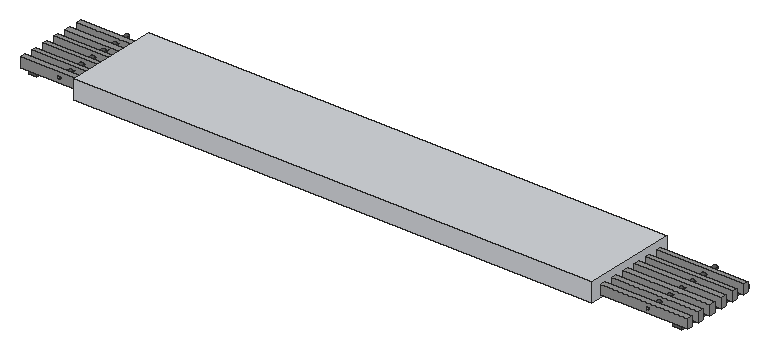
Revit family "1212-6, Solid", category Generic Models, host Face, Revit 2020
Family settings
  Host = Face
  Can host rebar = No
  Round Connector Dimension = Use Diameter
  Part Type = Normal
  Cut with Voids When Loaded = No
  Shared = No
  Room Calculation Point = No
Parameters
  min_value [instance] = 1' - 11 1/4"  # constant formula
  max_value [instance] = 11' - 11 1/4"  # constant formula
  actual_value [instance] = if(NET LENGTH < min_value, min_value, if(NET LENGTH > max_value, max_value, NET LENGTH))  # 7' - 11 1/4"
  NET LENGTH [instance] = 7' - 11 1/4"
  IMPORTANT NOTE!!!                                                                             *Backer & dowel layout is for visualization purposes only, final layout to be determined by 9Wood. [instance] = ""
  Default Elevation = 4' - 0"
  DOWEL RADIUS [instance] = 0' - 0 1/4"  # constant formula
  BACKING M MATERIAL [instance] = BLACK-BACKERS
  .. MEMBER WIDTH [instance] = 0' - 0 3/4"  # constant formula
  .. MEMBER MATERIAL [instance] = Solid Western Hemlock
  .. MEMBER DEPTH [instance] = 0' - 1 3/8"  # constant formula
  .. MEMBER COUNT [instance] = 6  # constant formula
Reference planes (in)
  plane 1 "Center (Front/Back)": y = 0
  plane 2: z = 2.726
  plane 3 "Center (Left/Right)": x = 0
Forms (in)
  Extrusion 1, solid
    sketch origin (15, -0.86619, -0.99308) x (0, 1, 0) y (-1, 0, 0)
      loop
        line (3.42869, -23.66817) -> (3.42869, 50.25) -> (-10, 50.25) -> (-10, -23.66817) -> (3.42869, -23.66817)
    from 3.71908 to 1.00111
Dimensions and locks (in)
  aligned and locked: plane 2 to Extrusion 1
Nested families (in)
  nested 1: "1200 Series" at (-44, -2, 1.87867), NET LENGTH <- "actual_value", DOWEL RADII <- "DOWEL RADIUS", .. MEMBER WIDTH <- ".. MEMBER WIDTH", .. MEMBER DEPTH <- ".. MEMBER DEPTH", .. MEMBER MATERIAL <- ".. MEMBER MATERIAL", BACKING M MATERIAL <- "BACKING M MATERIAL", .. MEMBER COUNT <- ".. MEMBER COUNT", type "1200 Series"
    with X 7' - 4", WIDTH 1' - 0 1/16", Space 0' - 0 11/16", START 0' - 0 3/8", SCRIM MATERIAL SCRIM, SCRIM 3 8' - 1", SCRIM 2 0' - 0 7/8", SCRIM 1 0' - 0 3/32", SCRIM yes, NET LENGTH 7' - 11 1/4", N 8, INSET 3 0' - 0 3/16", INSET 0' - 1", INDEX 0' - 5 5/8", END BACKER yes, DOWEL RADII 0' - 0 1/4", DOWEL COUNT 8, BACKING M WIDTH 0' - 1 1/4", BACKING M MATERIAL BLACK-BACKERS, BACKING M LENGTH 0' - 11 7/8", BACKING M DEPTH 0' - 0 1/2", .. MEMBER WIDTH 0' - 0 3/4", .. MEMBER OC TYP 0' - 2", .. MEMBER MATERIAL Solid Western Hemlock, .. MEMBER DEPTH 0' - 1 3/8", .. MEMBER COUNT 6
Definition of nested family "1200 Series"
  Parameters (values of type "1200 Series")
    X [instance] = NET LENGTH - (0' 3 5/8" * 2)  # 6' - 2"
    WIDTH [instance] = 1' - 0 1/16"
    Space [instance] = 0' - 0 11/16"  # constant formula
    START [instance] = .. MEMBER WIDTH / 2  # 0' - 0 3/8"
    SCRIM MATERIAL [instance] = none
    SCRIM 3 [instance] = NET LENGTH + (SCRIM 2 * 2)  # 6' - 11"
    SCRIM 2 [instance] = 0' - 0 7/8"
    SCRIM 1 [instance] = 0' - 0 3/32"
    SCRIM [instance] = yes
    NET LENGTH [instance] = 6' - 9 1/4"
    N [instance] = if((X - (rounddown(X / 1' 0") * 1' 0")) > 1' 0", rounddown(X / 1' 0") + 2, rounddown(X / 1' 0") + 1)  # 7
    INSET 3 [instance] = 0' - 0 3/16"
    INSET [instance] = 0' - 1"
    INDEX [instance] = (NET LENGTH - ((N - 1) * 1' 0")) / 2  # 0' - 4 5/8"
    END BACKER [instance] = yes
    Default Elevation = 0' - 0"
    DOWEL RADII [instance] = 0' - 0 1/4"
    DOWEL COUNT [instance] = N  # 7
    BACKING M WIDTH [instance] = 0' - 1 1/4"
    BACKING M MATERIAL [instance] = none
    BACKING M LENGTH [instance] = 0' - 11 7/8"
    BACKING M DEPTH [instance] = 0' - 0 1/2"
    .. MEMBER WIDTH [instance] = 0' - 0 3/4"
    .. MEMBER OC TYP [instance] = 1' 0" / .. MEMBER COUNT  # 0' - 3"
    .. MEMBER MATERIAL [instance] = none
    .. MEMBER DEPTH [instance] = 0' - 1 3/8"
    .. MEMBER COUNT [instance] = 4
  Reference planes (in)
    plane 1 "Center (Front/Back)": y = -7.5
    plane 2: z = 0
    plane 3 "Center (Left/Right)": x = 0
    plane 4: x = 1
    plane 5: x = 4.625
    plane 6: x = 81.25
    plane 7: x = 80.25
    plane 8: x = 16.625
    plane 9: y = -7.3125
    plane 10: y = -4.125
    plane 11: y = -7.125
    plane 12: y = 4.5625
    plane 13: y = -4.5
    plane 14: y = -7.59375
    plane 15: x = 82.125
    plane 16: y = 4.65625
    plane 17: x = -0.875
    plane 18: z = -1.375
    plane 19: z = -0.6875
  Lines and regions (in)
    model lines
      curve 1: line (4.375, -7.5, -0.6875) -> (4.875, -7.5, -0.6875)
    model lines, not visible
      curve 2: line (4.625, -7.5, -0.9375) -> (4.625, -7.5, -0.4375)
      curve 3: line (4.375, -7.5, -0.6875) -> (4.875, -7.5, -0.6875)
      curve 4: line (16.625, -7.5, -0.9375) -> (16.625, -7.5, -0.4375)
      curve 5: line (16.375, -7.5, -0.6875) -> (16.875, -7.5, -0.6875)
      curve 6: line (28.625, -7.5, -0.9375) -> (28.625, -7.5, -0.4375)
      curve 7: line (28.375, -7.5, -0.6875) -> (28.875, -7.5, -0.6875)
      curve 8: line (40.625, -7.5, -0.9375) -> (40.625, -7.5, -0.4375)
      curve 9: line (40.375, -7.5, -0.6875) -> (40.875, -7.5, -0.6875)
      curve 10: line (52.625, -7.5, -0.9375) -> (52.625, -7.5, -0.4375)
      curve 11: line (52.375, -7.5, -0.6875) -> (52.875, -7.5, -0.6875)
      curve 12: line (64.625, -7.5, -0.9375) -> (64.625, -7.5, -0.4375)
      curve 13: line (64.375, -7.5, -0.6875) -> (64.875, -7.5, -0.6875)
      curve 14: line (76.625, -7.5, -0.9375) -> (76.625, -7.5, -0.4375)
      curve 15: line (76.375, -7.5, -0.6875) -> (76.875, -7.5, -0.6875)
  Dimensions and locks (in)
    "NET LENGTH": plane 3 "Center (Left/Right)" to plane 6
    "INSET": plane 7 to plane 6
    "INDEX": plane 3 "Center (Left/Right)" to plane 5
    plane 5 to plane 8 = 1' - 0"
    "INSET 3": plane 1 "Center (Front/Back)" to plane 9
    equal spacing: group 1, group 2, group 3, group 4  (x3)
    "START": plane 11 to plane 1 "Center (Front/Back)"
    ".. MEMBER OC TYP": plane 10 to plane 11
    "WIDTH": plane 12 to plane 1 "Center (Front/Back)"
    "START": plane 10 to plane 13
    "SCRIM 1": plane 14 to plane 1 "Center (Front/Back)"
    "SCRIM 2": plane 6 to plane 15
    "SCRIM 1": plane 12 to plane 16
    "SCRIM 2": plane 17 to plane 3 "Center (Left/Right)"
    "INSET": plane 3 "Center (Left/Right)" to plane 4
    equal spacing: group 5, group 6, group 7, group 8, group 9, group 10, group 11  (x3)
    "Space": plane 19 to plane 18
    aligned and locked: level to plane 2
    aligned and locked: nested 1 to plane 4  (x2)
    aligned and locked: plane 7 to nested 2
    aligned and locked: plane 5 to nested 3
    aligned and locked: nested 1 to plane 9
    aligned and locked: plane 1 "Center (Front/Back)" to nested 4
    aligned and locked: plane 9 to nested 2
    aligned and locked: plane 13 to nested 5
    aligned and locked: nested 3 to plane 9
    aligned and locked: plane 18 to nested 1
    aligned and locked: plane 19 to nested 3
    aligned and locked: curve 1 to plane 19
    aligned and locked: plane 8 to curve 4
    aligned and locked: curve 5 to plane 19
    aligned and locked: nested 4 to plane 18
  Automatic sketch dimensions
    curve 1 to curve 1 = 0' - 0 1/2"
    curve 1 to plane 5 = 0' - 0 1/4"
    plane 5 to curve 1 = 0' - 0 1/4"
    curve 3 to curve 2 = 0' - 0 1/4"  (x2)
    curve 2 to curve 3 = 0' - 0 1/4"  (x2)
    curve 5 to curve 4 = 0' - 0 1/4"  (x2)
    curve 4 to curve 5 = 0' - 0 1/4"  (x2)
    curve 7 to curve 6 = 0' - 0 1/4"  (x2)
    curve 6 to curve 7 = 0' - 0 1/4"  (x2)
    curve 9 to curve 8 = 0' - 0 1/4"  (x2)
    curve 8 to curve 9 = 0' - 0 1/4"  (x2)
    curve 11 to curve 10 = 0' - 0 1/4"  (x2)
    curve 10 to curve 11 = 0' - 0 1/4"  (x2)
    curve 13 to curve 12 = 0' - 0 1/4"  (x2)
    curve 12 to curve 13 = 0' - 0 1/4"  (x2)
    curve 15 to curve 14 = 0' - 0 1/4"  (x2)
    curve 14 to curve 15 = 0' - 0 1/4"  (x2)
  Nested families (in)
    nested 1: "INSTANCE - 2ND -  EXTEND SIDE H CENTER W - Parametric Cube" at (1, -1.375, -1.375) x (0, -1, 0) z (0, 0, 1), Width <- "BACKING M LENGTH", Length <- "BACKING M WIDTH", Material <- "BACKING M MATERIAL", Height <- "BACKING M DEPTH", visible <- "END BACKER", type "INSTANCE - 2ND -  EXTEND SIDE H CENTER W - Parametric Cube"
      with Width 0' - 11 7/8", Material none, Length 0' - 1 1/4", Height 0' - 0 1/2"
    nested 2: "INSTANCE - 2ND -  EXTEND SIDE H CENTER W - Parametric Cube" at (80.25, -1.375, -1.375) x (0, -1, 0) z (0, 0, 1), Width <- "BACKING M LENGTH", Length <- "BACKING M WIDTH", Material <- "BACKING M MATERIAL", Height <- "BACKING M DEPTH", visible <- "END BACKER", type "INSTANCE - 2ND -  EXTEND SIDE H CENTER W - Parametric Cube"
      with Width 0' - 11 7/8", Material none, Length 0' - 1 1/4", Height 0' - 0 1/2"
    nested 3: "Family3" at (-5.375, -7.3125, -0.6875), DOWEL RADII <- "DOWEL RADII", BACKING MEM MATERIAL <- "BACKING M MATERIAL", type "Family3"
      with DOWEL RADII 0' - 0 1/4", DOWEL LENGTH 0' - 11 7/8", BACKING MEM MATERIAL none
    nested 4: "HOLED MEMBER" at (0, -18.75, 6.19404), DOWEL RADII <- "DOWEL RADII", .. MEMBER LENGTH <- "NET LENGTH", DOWEL COUNT <- "DOWEL COUNT", DEPTH <- ".. MEMBER DEPTH", .. MEMBER WIDTH <- ".. MEMBER WIDTH", Material <- ".. MEMBER MATERIAL", DOWEL INDEX <- "INDEX", Space 2 <- "Space", type "HOLED MEMBER"
      with Width 0' - 6", Space 2 0' - 0 11/16", Material none, Length 1' - 0", Height 0' - 10.43096", DOWEL RADII 0' - 0 1/4", DOWEL OC DIST 1' - 0", DOWEL INDEX 0' - 4 5/8", DOWEL COUNT 7, DEPTH 0' - 1 3/8", .. MEMBER WIDTH 0' - 0 3/4", .. MEMBER LENGTH 6' - 9 1/4"
    nested 5: "HOLED MEMBER" at (0, -15.75, 6.19404), DOWEL RADII <- "DOWEL RADII", .. MEMBER LENGTH <- "NET LENGTH", DOWEL COUNT <- "DOWEL COUNT", DEPTH <- ".. MEMBER DEPTH", .. MEMBER WIDTH <- ".. MEMBER WIDTH", Material <- ".. MEMBER MATERIAL", DOWEL INDEX <- "INDEX", Space 2 <- "Space", type "HOLED MEMBER"
      with Width 0' - 6", Space 2 0' - 0 11/16", Material none, Length 1' - 0", Height 0' - 10.43096", DOWEL RADII 0' - 0 1/4", DOWEL OC DIST 1' - 0", DOWEL INDEX 0' - 4 5/8", DOWEL COUNT 7, DEPTH 0' - 1 3/8", .. MEMBER WIDTH 0' - 0 3/4", .. MEMBER LENGTH 6' - 9 1/4"
    nested 6: "HOLED MEMBER" at (0, -12.75, 6.19404), DOWEL RADII <- "DOWEL RADII", .. MEMBER LENGTH <- "NET LENGTH", DOWEL COUNT <- "DOWEL COUNT", DEPTH <- ".. MEMBER DEPTH", .. MEMBER WIDTH <- ".. MEMBER WIDTH", Material <- ".. MEMBER MATERIAL", DOWEL INDEX <- "INDEX", Space 2 <- "Space", type "HOLED MEMBER"
      with Width 0' - 6", Space 2 0' - 0 11/16", Material none, Length 1' - 0", Height 0' - 10.43096", DOWEL RADII 0' - 0 1/4", DOWEL OC DIST 1' - 0", DOWEL INDEX 0' - 4 5/8", DOWEL COUNT 7, DEPTH 0' - 1 3/8", .. MEMBER WIDTH 0' - 0 3/4", .. MEMBER LENGTH 6' - 9 1/4"
    nested 7: "HOLED MEMBER" at (0, -9.75, 6.19404), DOWEL RADII <- "DOWEL RADII", .. MEMBER LENGTH <- "NET LENGTH", DOWEL COUNT <- "DOWEL COUNT", DEPTH <- ".. MEMBER DEPTH", .. MEMBER WIDTH <- ".. MEMBER WIDTH", Material <- ".. MEMBER MATERIAL", DOWEL INDEX <- "INDEX", Space 2 <- "Space", type "HOLED MEMBER"
      with Width 0' - 6", Space 2 0' - 0 11/16", Material none, Length 1' - 0", Height 0' - 10.43096", DOWEL RADII 0' - 0 1/4", DOWEL OC DIST 1' - 0", DOWEL INDEX 0' - 4 5/8", DOWEL COUNT 7, DEPTH 0' - 1 3/8", .. MEMBER WIDTH 0' - 0 3/4", .. MEMBER LENGTH 6' - 9 1/4"
    nested 8: "Family3" at (6.625, -7.3125, -0.6875), DOWEL RADII <- "DOWEL RADII", BACKING MEM MATERIAL <- "BACKING M MATERIAL", type "Family3"
      with DOWEL RADII 0' - 0 1/4", DOWEL LENGTH 0' - 11 7/8", BACKING MEM MATERIAL none
    nested 9: "Family3" at (18.625, -7.3125, -0.6875), DOWEL RADII <- "DOWEL RADII", BACKING MEM MATERIAL <- "BACKING M MATERIAL", type "Family3"
      with DOWEL RADII 0' - 0 1/4", DOWEL LENGTH 0' - 11 7/8", BACKING MEM MATERIAL none
    nested 10: "Family3" at (30.625, -7.3125, -0.6875), DOWEL RADII <- "DOWEL RADII", BACKING MEM MATERIAL <- "BACKING M MATERIAL", type "Family3"
      with DOWEL RADII 0' - 0 1/4", DOWEL LENGTH 0' - 11 7/8", BACKING MEM MATERIAL none
    nested 11: "Family3" at (42.625, -7.3125, -0.6875), DOWEL RADII <- "DOWEL RADII", BACKING MEM MATERIAL <- "BACKING M MATERIAL", type "Family3"
      with DOWEL RADII 0' - 0 1/4", DOWEL LENGTH 0' - 11 7/8", BACKING MEM MATERIAL none
    nested 12: "Family3" at (54.625, -7.3125, -0.6875), DOWEL RADII <- "DOWEL RADII", BACKING MEM MATERIAL <- "BACKING M MATERIAL", type "Family3"
      with DOWEL RADII 0' - 0 1/4", DOWEL LENGTH 0' - 11 7/8", BACKING MEM MATERIAL none
    nested 13: "Family3" at (66.625, -7.3125, -0.6875), DOWEL RADII <- "DOWEL RADII", BACKING MEM MATERIAL <- "BACKING M MATERIAL", type "Family3"
      with DOWEL RADII 0' - 0 1/4", DOWEL LENGTH 0' - 11 7/8", BACKING MEM MATERIAL none
  Definition of nested family "INSTANCE - 2ND -  EXTEND SIDE H CENTER W - Parametric Cube"
    Parameters (values of type "INSTANCE - 2ND -  EXTEND SIDE H CENTER W - Parametric Cube")
      Width [instance] = 0' - 6"
      Material [instance] = none
      Length [instance] = 1' - 0"
      Height [instance] = 1' - 6"
      Default Elevation = 0' - 0"
    Reference planes (in)
      plane 1 "Center (Front/Back)": y = 0
      plane 2: z = 0
      plane 3 "Center (Left/Right)": x = 0
      plane 4: x = -3
      plane 5: x = 3
      plane 6: y = 12
      plane 7: z = -18
    Forms (in)
      Extrusion 1, solid, material <- "Material"
        sketch origin (0, 6, 0) x (1, 0, 0) y (0, 1, 0)
          loop
            line (-3, 6) -> (-3, -6) -> (3, -6) -> (3, 6) -> (-3, 6)
        from -18 to 0
    Dimensions and locks (in)
      equal spacing: plane 4, plane 3 "Center (Left/Right)", plane 5
      "Width": plane 4 to plane 5
      "Height": plane 7 to level
      "Length": plane 1 "Center (Front/Back)" to plane 6
      aligned and locked: plane 2 to level
      aligned and locked: plane 4 to Extrusion 1 sketch curve
      aligned and locked: Extrusion 1 sketch curve to plane 5
      aligned and locked: Extrusion 1 to plane 7
      aligned and locked: plane 6 to Extrusion 1
    Automatic sketch dimensions
      plane 1 "Center (Front/Back)" to Extrusion 1 sketch curve = 0' - 0"
      plane 6 to Extrusion 1 sketch curve = 0' - 0"
  Definition of nested family "Family3"
    Parameters (values of type "Family3")
      Default Elevation = 0' - 0"
      DOWEL RADII [instance] = 0' - 0 5/8"
      DOWEL LENGTH [instance] = 0' - 5"
      BACKING MEM MATERIAL [instance] = none
    Reference planes (in)
      plane 1 "Center (Front/Back)": y = 0
      plane 2: z = 0
      plane 3 "Center (Left/Right)": x = 0
      plane 4: y = 5
    Forms (in)
      Extrusion 1, solid, material <- "BACKING MEM MATERIAL"
        sketch origin (10, 0, 0) x (1, 0, 0) y (0, 0, 1)
          loop
            circle (0, 0) r 0.625
        from 0 to -5
      Extrusion 2, solid, not visible
        sketch origin (0, 0, 0) x (1, 0, 0) y (0, 0, 1)
          loop
            circle (0, 0) r 0.625
        from 0 to 12
      Extrusion 3, solid, not visible
        sketch origin (10, 0, 0) x (1, 0, 0) y (0, 0, 1)
          loop
            circle (0, 0) r 0.625
        from 0 to 2.5
      Extrusion 4, solid, not visible
        sketch origin (10, 0, 0) x (1, 0, 0) y (0, 0, 1)
          loop
            circle (0, 0) r 0.625
        from 0 to -12
    Lines and regions (in)
      model lines, not visible
        curve 1: line (-13, 0, 0) -> (-13, -12, 0)
        curve 2: line (13, 0, 0) -> (13, -12, 0)
        curve 3: line (9.89453, 0, 0) -> (10.08794, 0, 0)
        curve 4: line (9.89453, -2.5, 0) -> (10.08794, -2.5, 0)
        curve 6: line (10, 0, 0) -> (10, 2, 0)
      model lines
        curve 5: line (10, 0, 0) -> (10, 2, 0)
    Dimensions and locks (in)
      "DOWEL LENGTH": plane 1 "Center (Front/Back)" to plane 4
      "DOWEL RADII": radius of Extrusion 1 sketch curve
      "DOWEL RADII": radius of Extrusion 2 sketch curve
      "DOWEL RADII": radius of Extrusion 3 sketch curve
      "DOWEL RADII": radius of Extrusion 4 sketch curve
      "DOWEL RADII": radius of Extrusion 1
      aligned and locked: plane 2 to level
      aligned and locked: Extrusion 1 to plane 1 "Center (Front/Back)"  (x3)
      aligned and locked: plane 1 "Center (Front/Back)" to Extrusion 1
      aligned and locked: plane 4 to Extrusion 1
    Automatic sketch dimensions
      plane 1 "Center (Front/Back)" to curve 5 = 0' - 0"
      curve 5 to plane 1 "Center (Front/Back)" = 0' - 2"
      plane 3 "Center (Left/Right)" to curve 5 = 0' - 10"
      Extrusion 1 sketch curve to level = 0' - 0"
      plane 3 "Center (Left/Right)" to Extrusion 1 sketch curve = 0' - 10"
  Definition of nested family "HOLED MEMBER"
    Parameters (values of type "HOLED MEMBER")
      Width [instance] = 0' - 6"
      Space 2 [instance] = 0' - 0 5/8"
      Space = 0' - 0 5/8"
      Material [instance] = none
      Length [instance] = 1' - 0"
      Height [instance] = 0' - 10.43096"
      Default Elevation = 0' - 0"
      DOWEL RADII [instance] = 0' - 0.34537"
      DOWEL OC DIST [instance] = 1' - 0"
      DOWEL INSET = 0' - 0 5/8"
      DOWEL INDEX [instance] = 0' - 5 5/8"
      DOWEL COUNT [instance] = 6
      DEPTH [instance] = 0' - 2"
      .. MEMBER WIDTH [instance] = 0' - 0 5/8"
      .. MEMBER LENGTH [instance] = 5' - 11 3/4"
    Reference planes (in)
      plane 1 "Center (Front/Back)": y = 12
      plane 2: z = -7.56904
      plane 3 "Center (Left/Right)": x = 0
      plane 4: x = 5.625
      plane 5: x = 17.625
      plane 6: y = 11.375
      plane 7: x = 71.75
      plane 8: z = -6.94404
      plane 9: z = -5.56904
    Forms (in)
      Extrusion 1, solid, material <- "Material"
        sketch origin (0, 12, -13.56904) x (1, 0, 0) y (0, 0, 1)
          loop
            line (0, 6) -> (71.75, 6) -> (71.75, 8) -> (0, 8) -> (0, 6)
        from 0.625 to 0
      Extrusion 2, void
        sketch origin (0, 12, -18.31904) x (1, 0, 0) y (0, 0, 1)
          loop
            circle (5.625, 11.375) r 0.34537
        from 0 to 12
      Extrusion 3, void, not visible
        sketch origin (0, 1.25, 0) x (1, 0, 0) y (0, 1, 0)
          loop
            circle (5.625, 11.375) r 0.34537
        from 0 to 12
      Extrusion 4, void, not visible
        sketch origin (0, 1.25, 0) x (1, 0, 0) y (0, 1, 0)
          loop
            circle (5.625, 11.375) r 0.34537
        from 0 to 12
      Extrusion 5, void, not visible
        sketch origin (12, 1.25, 0) x (1, 0, 0) y (0, 1, 0)
          loop
            circle (5.625, 11.375) r 0.34537
        from 0 to 12
      Extrusion 6, void, not visible
        sketch origin (0, 12, -16.31904) x (1, 0, 0) y (0, 0, 1)
          loop
            circle (5.625, 11.375) r 0.34537
        from 0 to 12
      Extrusion 7, void, not visible
        sketch origin (12, 12, -16.31904) x (1, 0, 0) y (0, 0, 1)
          loop
            circle (5.625, 11.375) r 0.34537
        from 0 to 12
      Extrusion 8, void, not visible
        sketch origin (0, 12, -18.31904) x (1, 0, 0) y (0, 0, 1)
          loop
            circle (5.625, 11.375) r 0.34537
        from 0 to 12
      Extrusion 9, void
        sketch origin (12, 12, -18.31904) x (1, 0, 0) y (0, 0, 1)
          loop
            circle (5.625, 11.375) r 0.34537
        from 0 to 12
      Extrusion 10, void, not visible
        sketch origin (24, 12, -16.31904) x (1, 0, 0) y (0, 0, 1)
          loop
            circle (5.625, 11.375) r 0.34537
        from 0 to 12
      Extrusion 11, void, not visible
        sketch origin (36, 12, -16.31904) x (1, 0, 0) y (0, 0, 1)
          loop
            circle (5.625, 11.375) r 0.34537
        from 0 to 12
      Extrusion 12, void, not visible
        sketch origin (48, 12, -16.31904) x (1, 0, 0) y (0, 0, 1)
          loop
            circle (5.625, 11.375) r 0.34537
        from 0 to 12
      Extrusion 13, void, not visible
        sketch origin (60, 12, -16.31904) x (1, 0, 0) y (0, 0, 1)
          loop
            circle (5.625, 11.375) r 0.34537
        from 0 to 12
      Extrusion 14, void, not visible
        sketch origin (24, 1.25, 0) x (1, 0, 0) y (0, 1, 0)
          loop
            circle (5.625, 11.375) r 0.34537
        from 0 to 12
      Extrusion 15, void, not visible
        sketch origin (36, 1.25, 0) x (1, 0, 0) y (0, 1, 0)
          loop
            circle (5.625, 11.375) r 0.34537
        from 0 to 12
      Extrusion 16, void, not visible
        sketch origin (48, 1.25, 0) x (1, 0, 0) y (0, 1, 0)
          loop
            circle (5.625, 11.375) r 0.34537
        from 0 to 12
      Extrusion 17, void, not visible
        sketch origin (60, 1.25, 0) x (1, 0, 0) y (0, 1, 0)
          loop
            circle (5.625, 11.375) r 0.34537
        from 0 to 12
      Extrusion 18, void
        sketch origin (24, 12, -18.31904) x (1, 0, 0) y (0, 0, 1)
          loop
            circle (5.625, 11.375) r 0.34537
        from 0 to 12
      Extrusion 19, void
        sketch origin (36, 12, -18.31904) x (1, 0, 0) y (0, 0, 1)
          loop
            circle (5.625, 11.375) r 0.34537
        from 0 to 12
      Extrusion 20, void
        sketch origin (48, 12, -18.31904) x (1, 0, 0) y (0, 0, 1)
          loop
            circle (5.625, 11.375) r 0.34537
        from 0 to 12
      Extrusion 21, void
        sketch origin (60, 12, -18.31904) x (1, 0, 0) y (0, 0, 1)
          loop
            circle (5.625, 11.375) r 0.34537
        from 0 to 12
    Cuts and joins
      Extrusion 2, Extrusion 9, Extrusion 18, Extrusion 19, Extrusion 20, Extrusion 21 cuts Extrusion 1
    Lines and regions (in)
      model lines, not visible
        curve 1: line (5.625, 11.72037, 0) -> (5.625, 11.02963, 0)
        curve 2: line (5.625, 11.72037, 0) -> (5.625, 11.02963, 0)
        curve 3: line (17.625, 11.72037, 0) -> (17.625, 11.02963, 0)
        curve 4: line (5.625, 12, -7.56904) -> (5.625, 11.87317, -7.56904)
        curve 5: line (5.625, 11.87317, -7.56904) -> (5.06195, 11.87317, -7.56904)
        curve 6: line (5.06195, 11.87317, -7.56904) -> (5.27963, 11.375, -7.56904)
        curve 7: line (0, 12, -6.19404) -> (0, 11.61951, -6.19404)
        curve 8: line (0, 11.375, -8.19404) -> (0, 11.6747, -8.19404)
        curve 9: line (5.625, 12, -7.56904) -> (5.625, 11.69863, -7.56904)
        curve 11: line (5.625, 12, 0) -> (5.625, 12, 0.30137)
        curve 12: line (5.625, 12, 0) -> (5.625, 12, 0.30137)
        curve 13: line (17.625, 12, 0) -> (17.625, 12, 0.30137)
        curve 14: line (5.625, 12, -5.56904) -> (5.625, 11.69863, -5.56904)
        curve 15: line (17.625, 12, -5.56904) -> (17.625, 11.69863, -5.56904)
        curve 16: line (5.625, 12, -7.56904) -> (5.625, 11.69863, -7.56904)
        curve 18: line (29.625, 12, -5.56904) -> (29.625, 11.69863, -5.56904)
        curve 19: line (41.625, 12, -5.56904) -> (41.625, 11.69863, -5.56904)
        curve 20: line (53.625, 12, -5.56904) -> (53.625, 11.69863, -5.56904)
        curve 21: line (65.625, 12, -5.56904) -> (65.625, 11.69863, -5.56904)
        curve 22: line (29.625, 11.72037, 0) -> (29.625, 11.02963, 0)
        curve 23: line (29.625, 12, 0) -> (29.625, 12, 0.30137)
        curve 24: line (41.625, 11.72037, 0) -> (41.625, 11.02963, 0)
        curve 25: line (41.625, 12, 0) -> (41.625, 12, 0.30137)
        curve 26: line (53.625, 11.72037, 0) -> (53.625, 11.02963, 0)
        curve 27: line (53.625, 12, 0) -> (53.625, 12, 0.30137)
        curve 28: line (65.625, 11.72037, 0) -> (65.625, 11.02963, 0)
        curve 29: line (65.625, 12, 0) -> (65.625, 12, 0.30137)
        curve 35: line (5.27963, 12.625, 0) -> (5.97037, 12.625, 0)
        curve 36: line (5.27963, 12.625, 0) -> (5.97037, 12.625, 0)
        curve 37: line (17.27963, 12.625, 0) -> (17.97037, 12.625, 0)
        curve 38: line (5.27963, 12, -4.94404) -> (5.97037, 12, -4.94404)
        curve 39: line (17.27963, 12, -4.94404) -> (17.97037, 12, -4.94404)
        curve 40: line (5.27963, 12, -6.94404) -> (5.97037, 12, -6.94404)
        curve 42: line (29.27963, 12, -4.94404) -> (29.97037, 12, -4.94404)
        curve 43: line (41.27963, 12, -4.94404) -> (41.97037, 12, -4.94404)
        curve 44: line (53.27963, 12, -4.94404) -> (53.97037, 12, -4.94404)
        curve 45: line (65.27963, 12, -4.94404) -> (65.97037, 12, -4.94404)
        curve 46: line (29.27963, 12.625, 0) -> (29.97037, 12.625, 0)
        curve 47: line (41.27963, 12.625, 0) -> (41.97037, 12.625, 0)
        curve 48: line (53.27963, 12.625, 0) -> (53.97037, 12.625, 0)
        curve 49: line (65.27963, 12.625, 0) -> (65.97037, 12.625, 0)
        curve 54: line (0, 12, -6.94404) -> (0, 4.22059, -6.94404)
        curve 55: line (0, 12.625, 0) -> (0, 12.625, 7.77941)
        curve 56: line (0, 12.625, 0) -> (0, 12.625, 7.77941)
        curve 57: line (12, 12.625, 0) -> (12, 12.625, 7.77941)
        curve 58: line (0, 12, -4.94404) -> (0, 4.22059, -4.94404)
        curve 59: line (12, 12, -4.94404) -> (12, 4.22059, -4.94404)
        curve 60: line (0, 12, -6.94404) -> (0, 4.22059, -6.94404)
        curve 61: line (12, 12, -6.94404) -> (12, 4.22059, -6.94404)
        curve 62: line (24, 12, -4.94404) -> (24, 4.22059, -4.94404)
        curve 63: line (36, 12, -4.94404) -> (36, 4.22059, -4.94404)
        curve 64: line (48, 12, -4.94404) -> (48, 4.22059, -4.94404)
        curve 65: line (60, 12, -4.94404) -> (60, 4.22059, -4.94404)
        curve 66: line (24, 12.625, 0) -> (24, 12.625, 7.77941)
        curve 67: line (36, 12.625, 0) -> (36, 12.625, 7.77941)
        curve 68: line (48, 12.625, 0) -> (48, 12.625, 7.77941)
        curve 69: line (60, 12.625, 0) -> (60, 12.625, 7.77941)
        curve 70: line (24, 12, -6.94404) -> (24, 4.22059, -6.94404)
        curve 71: line (36, 12, -6.94404) -> (36, 4.22059, -6.94404)
        curve 72: line (48, 12, -6.94404) -> (48, 4.22059, -6.94404)
        curve 73: line (60, 12, -6.94404) -> (60, 4.22059, -6.94404)
      model lines
        curve 10: line (5.625, 12, -7.56904) -> (5.625, 11.69863, -7.56904)
        curve 17: line (17.625, 12, -7.56904) -> (17.625, 11.69863, -7.56904)
        curve 30: line (29.625, 12, -7.56904) -> (29.625, 11.69863, -7.56904)
        curve 31: line (41.625, 12, -7.56904) -> (41.625, 11.69863, -7.56904)
        curve 32: line (53.625, 12, -7.56904) -> (53.625, 11.69863, -7.56904)
        curve 33: line (65.625, 12, -7.56904) -> (65.625, 11.69863, -7.56904)
        curve 34: line (5.27963, 12, -6.94404) -> (5.97037, 12, -6.94404)
        curve 41: line (17.27963, 12, -6.94404) -> (17.97037, 12, -6.94404)
        curve 50: line (29.27963, 12, -6.94404) -> (29.97037, 12, -6.94404)
        curve 51: line (41.27963, 12, -6.94404) -> (41.97037, 12, -6.94404)
        curve 52: line (53.27963, 12, -6.94404) -> (53.97037, 12, -6.94404)
        curve 53: line (65.27963, 12, -6.94404) -> (65.97037, 12, -6.94404)
    Dimensions and locks (in)
      "DOWEL INDEX": plane 3 "Center (Left/Right)" to plane 4
      "DOWEL OC DIST": plane 4 to plane 5
      ".. MEMBER LENGTH": plane 3 "Center (Left/Right)" to plane 7
      equal spacing: group 3, group 4, group 17, group 18, group 19, group 20  (x3)
      equal spacing: group 7, group 8, group 13, group 14, group 15, group 16  (x3)
      equal spacing: group 1, group 12, group 21, group 22, group 23, group 24  (x3)
      ".. MEMBER WIDTH": plane 6 to plane 1 "Center (Front/Back)"
      "DEPTH": plane 9 to level
      "Space 2": plane 8 to level
      "DOWEL RADII": radius of Extrusion 2 sketch curve
      "DOWEL RADII": radius of Extrusion 3 sketch curve
      "DOWEL RADII": radius of Extrusion 4 sketch curve
      "DOWEL RADII": radius of Extrusion 5 sketch curve
      "DOWEL RADII": radius of Extrusion 6 sketch curve
      "DOWEL RADII": radius of Extrusion 7 sketch curve
      "DOWEL RADII": radius of Extrusion 8 sketch curve
      "DOWEL RADII": radius of Extrusion 9 sketch curve
      "DOWEL RADII": radius of Extrusion 10 sketch curve
      "DOWEL RADII": radius of Extrusion 11 sketch curve
      "DOWEL RADII": radius of Extrusion 12 sketch curve
      "DOWEL RADII": radius of Extrusion 13 sketch curve
      "DOWEL RADII": radius of Extrusion 14 sketch curve
      "DOWEL RADII": radius of Extrusion 15 sketch curve
      "DOWEL RADII": radius of Extrusion 16 sketch curve
      "DOWEL RADII": radius of Extrusion 17 sketch curve
      "DOWEL RADII": radius of Extrusion 18 sketch curve
      "DOWEL RADII": radius of Extrusion 19 sketch curve
      "DOWEL RADII": radius of Extrusion 20 sketch curve
      "DOWEL RADII": radius of Extrusion 21 sketch curve
      aligned and locked: level to plane 2
      aligned and locked: Extrusion 1 to plane 3 "Center (Left/Right)"  (x2)
      aligned and locked: plane 7 to cut or joined group of Extrusion 1, Extrusion 2, Extrusion 9, Extrusion 18, Extrusion 19, Extrusion 20, Extrusion 21  (x2)
      aligned and locked: cut or joined group of Extrusion 1, Extrusion 2, Extrusion 9, Extrusion 18, Extrusion 19, Extrusion 20, Extrusion 21 to plane 1 "Center (Front/Back)"  (x2)
      aligned and locked: cut or joined group of Extrusion 1, Extrusion 2, Extrusion 9, Extrusion 18, Extrusion 19, Extrusion 20, Extrusion 21 to plane 6  (x2)
      aligned and locked: plane 4 to curve 10
      aligned and locked: plane 5 to curve 17
      aligned and locked: plane 9 to cut or joined group of Extrusion 1, Extrusion 2, Extrusion 9, Extrusion 18, Extrusion 19, Extrusion 20, Extrusion 21  (x2)
      aligned and locked: cut or joined group of Extrusion 1, Extrusion 2, Extrusion 9, Extrusion 18, Extrusion 19, Extrusion 20, Extrusion 21 to level
      aligned and locked: plane 8 to Extrusion 2
      aligned and locked: curve 34 to plane 8
      aligned and locked: curve 41 to plane 8
      aligned and locked: level to curve 10
      aligned and locked: curve 10 to level
      aligned and locked: plane 8 to cut or joined group of Extrusion 1, Extrusion 2, Extrusion 9, Extrusion 18, Extrusion 19, Extrusion 20, Extrusion 21
      aligned and locked: curve 54 to plane 8
    Automatic sketch dimensions
      curve 1 to curve 1 = 0' - 0.69074"
      curve 2 to curve 2 = 0' - 0.69074"
      curve 3 to curve 3 = 0' - 0.69074"
      Extrusion 1 sketch curve to plane 3 "Center (Left/Right)" = 0' - 0"
      Extrusion 1 sketch curve to plane 7 = 0' - 0"
      Extrusion 1 sketch curve to Extrusion 1 sketch curve = 0' - 2"
      level to Extrusion 1 sketch curve = 0' - 0"
      curve 9 to curve 9 = 0' - 0.30137"
      curve 10 to curve 10 = 0' - 0.30137"
      curve 11 to curve 11 = 0' - 0.30137"
      curve 12 to curve 12 = 0' - 0.30137"
      curve 13 to curve 13 = 0' - 0.30137"
      curve 14 to curve 14 = 0' - 0.30137"
      curve 15 to curve 15 = 0' - 0.30137"
      curve 16 to curve 16 = 0' - 0.30137"
      curve 17 to curve 17 = 0' - 0.30137"
      curve 18 to curve 18 = 0' - 0.30137"
      curve 19 to curve 19 = 0' - 0.30137"
      curve 20 to curve 20 = 0' - 0.30137"
      curve 21 to curve 21 = 0' - 0.30137"
      curve 22 to curve 22 = 0' - 0.69074"
      curve 23 to curve 23 = 0' - 0.30137"
      curve 24 to curve 24 = 0' - 0.69074"
      curve 25 to curve 25 = 0' - 0.30137"
      curve 26 to curve 26 = 0' - 0.69074"
      curve 27 to curve 27 = 0' - 0.30137"
      curve 28 to curve 28 = 0' - 0.69074"
      curve 29 to curve 29 = 0' - 0.30137"
      curve 30 to curve 30 = 0' - 0.30137"
      curve 31 to curve 31 = 0' - 0.30137"
      curve 32 to curve 32 = 0' - 0.30137"
      curve 33 to curve 33 = 0' - 0.30137"
      curve 34 to curve 34 = 0' - 0.69074"
      curve 35 to curve 35 = 0' - 0.69074"
      curve 36 to curve 36 = 0' - 0.69074"
      curve 37 to curve 37 = 0' - 0.69074"
      curve 38 to curve 38 = 0' - 0.69074"
      curve 39 to curve 39 = 0' - 0.69074"
      curve 40 to curve 40 = 0' - 0.69074"
      curve 41 to curve 41 = 0' - 0.69074"
      curve 42 to curve 42 = 0' - 0.69074"
      curve 43 to curve 43 = 0' - 0.69074"
      curve 44 to curve 44 = 0' - 0.69074"
      curve 45 to curve 45 = 0' - 0.69074"
      curve 46 to curve 46 = 0' - 0.69074"
      curve 47 to curve 47 = 0' - 0.69074"
      curve 48 to curve 48 = 0' - 0.69074"
      curve 49 to curve 49 = 0' - 0.69074"
      curve 50 to curve 50 = 0' - 0.69074"
      curve 51 to curve 51 = 0' - 0.69074"
      curve 52 to curve 52 = 0' - 0.69074"
      curve 53 to curve 53 = 0' - 0.69074"
      curve 54 to curve 54 = 0' - 7.77941"
      curve 55 to curve 55 = 0' - 7.77941"
      curve 56 to curve 56 = 0' - 7.77941"
      curve 57 to curve 57 = 0' - 7.77941"
      curve 58 to curve 58 = 0' - 7.77941"
      curve 59 to curve 59 = 0' - 7.77941"
      curve 60 to curve 60 = 0' - 7.77941"
      curve 61 to curve 61 = 0' - 7.77941"
      curve 62 to curve 62 = 0' - 7.77941"
      curve 63 to curve 63 = 0' - 7.77941"
      curve 64 to curve 64 = 0' - 7.77941"
      curve 65 to curve 65 = 0' - 7.77941"
      curve 66 to curve 66 = 0' - 7.77941"
      curve 67 to curve 67 = 0' - 7.77941"
      curve 68 to curve 68 = 0' - 7.77941"
      curve 69 to curve 69 = 0' - 7.77941"
      curve 70 to curve 70 = 0' - 7.77941"
      curve 71 to curve 71 = 0' - 7.77941"
      curve 72 to curve 72 = 0' - 7.77941"
      curve 73 to curve 73 = 0' - 7.77941"
